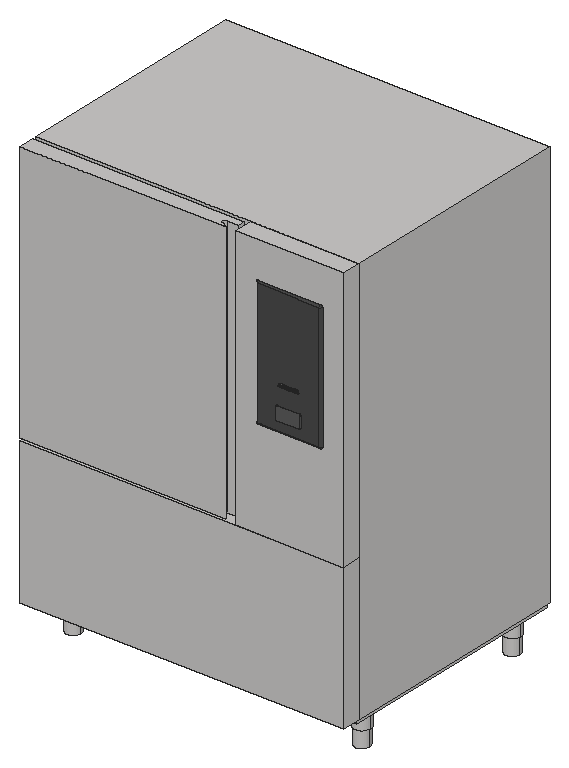
Revit family "QF_ALPENINOX_729255_ABFA12RE", category Specialty Equipment, Revit 2018 (continued)
Automatic sketch dimensions
  Split face 296 sketch curve to Split face 296 sketch curve = 4.974 mm
  Split face 297 sketch curve to Extrusion 4 = 119 mm
  Split face 297 sketch curve to Extrusion 4 = 620.012 mm
  Split face 297 sketch curve to Split face 297 sketch curve = 110.016 mm
  Split face 297 sketch curve to Split face 297 sketch curve = 4.974 mm
  Split face 298 sketch curve to Extrusion 4 = 128.5 mm
  Split face 298 sketch curve to Extrusion 4 = 620.012 mm
  Split face 298 sketch curve to Split face 298 sketch curve = 110.016 mm
  Split face 298 sketch curve to Split face 298 sketch curve = 4.974 mm
  Split face 299 sketch curve to Extrusion 4 = 138 mm
  Split face 299 sketch curve to Extrusion 4 = 620.012 mm
  Split face 299 sketch curve to Split face 299 sketch curve = 110.016 mm
  Split face 299 sketch curve to Split face 299 sketch curve = 4.974 mm
  Split face 300 sketch curve to Extrusion 4 = 147.5 mm
  Split face 300 sketch curve to Extrusion 4 = 620.012 mm
  Split face 300 sketch curve to Split face 300 sketch curve = 110.016 mm
  Split face 300 sketch curve to Split face 300 sketch curve = 4.974 mm
  Split face 301 sketch curve to Extrusion 4 = 157 mm
  Split face 301 sketch curve to Extrusion 4 = 620.012 mm
  Split face 301 sketch curve to Split face 301 sketch curve = 110.016 mm
  Split face 301 sketch curve to Split face 301 sketch curve = 4.974 mm
  Split face 302 sketch curve to Extrusion 4 = 166.5 mm
  Split face 302 sketch curve to Extrusion 4 = 620.012 mm
  Split face 302 sketch curve to Split face 302 sketch curve = 110.016 mm
  Split face 302 sketch curve to Split face 302 sketch curve = 4.974 mm
  Split face 303 sketch curve to Extrusion 4 = 176 mm
  Split face 303 sketch curve to Extrusion 4 = 620.012 mm
  Split face 303 sketch curve to Split face 303 sketch curve = 110.016 mm
  Split face 303 sketch curve to Split face 303 sketch curve = 4.974 mm
  Split face 304 sketch curve to Extrusion 4 = 185.5 mm
  Split face 304 sketch curve to Extrusion 4 = 620.012 mm
  Split face 304 sketch curve to Split face 304 sketch curve = 110.016 mm
  Split face 304 sketch curve to Split face 304 sketch curve = 4.974 mm
  Split face 305 sketch curve to Extrusion 4 = 195 mm
  Split face 305 sketch curve to Extrusion 4 = 620.012 mm
  Split face 305 sketch curve to Split face 305 sketch curve = 110.016 mm
  Split face 305 sketch curve to Split face 305 sketch curve = 4.974 mm
  Split face 306 sketch curve to Extrusion 4 = 204.5 mm
  Split face 306 sketch curve to Extrusion 4 = 620.012 mm
  Split face 306 sketch curve to Split face 306 sketch curve = 110.016 mm
  Split face 306 sketch curve to Split face 306 sketch curve = 4.974 mm
  Split face 307 sketch curve to Extrusion 4 = 214 mm
  Split face 307 sketch curve to Extrusion 4 = 620.012 mm
  Split face 307 sketch curve to Split face 307 sketch curve = 110.016 mm
  Split face 307 sketch curve to Split face 307 sketch curve = 4.974 mm
  Split face 308 sketch curve to Extrusion 4 = 223.5 mm
  Split face 308 sketch curve to Extrusion 4 = 620.012 mm
  Split face 308 sketch curve to Split face 308 sketch curve = 110.016 mm
  Split face 308 sketch curve to Split face 308 sketch curve = 4.974 mm
  Split face 309 sketch curve to Extrusion 4 = 233.001 mm
  Split face 309 sketch curve to Extrusion 4 = 620.012 mm
  Split face 309 sketch curve to Split face 309 sketch curve = 110.016 mm
  Split face 309 sketch curve to Split face 309 sketch curve = 4.974 mm
  Split face 310 sketch curve to Extrusion 4 = 242.501 mm
  Split face 310 sketch curve to Extrusion 4 = 620.012 mm
  Split face 310 sketch curve to Split face 310 sketch curve = 110.016 mm
  Split face 310 sketch curve to Split face 310 sketch curve = 4.974 mm
  Split face 311 sketch curve to Extrusion 4 = 252.001 mm
  Split face 311 sketch curve to Extrusion 4 = 620.012 mm
  Split face 311 sketch curve to Split face 311 sketch curve = 110.016 mm
  Split face 311 sketch curve to Split face 311 sketch curve = 4.974 mm
  Split face 312 sketch curve to Extrusion 4 = 261.501 mm
  Split face 312 sketch curve to Extrusion 4 = 620.012 mm
  Split face 312 sketch curve to Split face 312 sketch curve = 110.016 mm
  Split face 312 sketch curve to Split face 312 sketch curve = 4.974 mm
  Split face 313 sketch curve to Extrusion 4 = 271.001 mm
  Split face 313 sketch curve to Extrusion 4 = 620.012 mm
  Split face 313 sketch curve to Split face 313 sketch curve = 110.016 mm
  Split face 313 sketch curve to Split face 313 sketch curve = 4.974 mm
  Split face 314 sketch curve to Extrusion 4 = 279.479 mm
  Split face 314 sketch curve to Extrusion 4 = 620.012 mm
  Split face 314 sketch curve to Split face 314 sketch curve = 110.016 mm
  Split face 314 sketch curve to Split face 314 sketch curve = 4.974 mm
  Split face 315 sketch curve to Extrusion 4 = 269.979 mm
  Split face 315 sketch curve to Extrusion 4 = 620.012 mm
  Split face 315 sketch curve to Split face 315 sketch curve = 110.016 mm
  Split face 315 sketch curve to Split face 315 sketch curve = 4.974 mm
  Split face 316 sketch curve to Extrusion 4 = 260.479 mm
  Split face 316 sketch curve to Extrusion 4 = 620.012 mm
  Split face 316 sketch curve to Split face 316 sketch curve = 110.016 mm
  Split face 316 sketch curve to Split face 316 sketch curve = 4.974 mm
  Split face 317 sketch curve to Extrusion 4 = 250.978 mm
  Split face 317 sketch curve to Extrusion 4 = 620.012 mm
  Split face 317 sketch curve to Split face 317 sketch curve = 110.016 mm
  Split face 317 sketch curve to Split face 317 sketch curve = 4.974 mm
  Split face 318 sketch curve to Extrusion 4 = 241.478 mm
  Split face 318 sketch curve to Extrusion 4 = 620.012 mm
  Split face 318 sketch curve to Split face 318 sketch curve = 110.016 mm
  Split face 318 sketch curve to Split face 318 sketch curve = 4.974 mm
  Split face 319 sketch curve to Extrusion 4 = 231.978 mm
  Split face 319 sketch curve to Extrusion 4 = 620.012 mm
  Split face 319 sketch curve to Split face 319 sketch curve = 110.016 mm
  Split face 319 sketch curve to Split face 319 sketch curve = 4.974 mm
  Split face 320 sketch curve to Extrusion 4 = 222.478 mm
  Split face 320 sketch curve to Extrusion 4 = 620.012 mm
  Split face 320 sketch curve to Split face 320 sketch curve = 110.016 mm
  Split face 320 sketch curve to Split face 320 sketch curve = 4.974 mm
  Split face 321 sketch curve to Extrusion 4 = 212.978 mm
  Split face 321 sketch curve to Extrusion 4 = 620.012 mm
  Split face 321 sketch curve to Split face 321 sketch curve = 110.016 mm
  Split face 321 sketch curve to Split face 321 sketch curve = 4.974 mm
  Split face 322 sketch curve to Extrusion 4 = 203.478 mm
  Split face 322 sketch curve to Extrusion 4 = 620.012 mm
  Split face 322 sketch curve to Split face 322 sketch curve = 110.016 mm
  Split face 322 sketch curve to Split face 322 sketch curve = 4.974 mm
  Split face 323 sketch curve to Extrusion 4 = 193.978 mm
  Split face 323 sketch curve to Extrusion 4 = 620.012 mm
  Split face 323 sketch curve to Split face 323 sketch curve = 110.016 mm
  Split face 323 sketch curve to Split face 323 sketch curve = 4.974 mm
  Split face 324 sketch curve to Extrusion 4 = 184.478 mm
  Split face 324 sketch curve to Extrusion 4 = 620.012 mm
  Split face 324 sketch curve to Split face 324 sketch curve = 110.016 mm
  Split face 324 sketch curve to Split face 324 sketch curve = 4.974 mm
  Split face 325 sketch curve to Extrusion 4 = 174.978 mm
  Split face 325 sketch curve to Extrusion 4 = 620.012 mm
  Split face 325 sketch curve to Split face 325 sketch curve = 110.016 mm
  Split face 325 sketch curve to Split face 325 sketch curve = 4.974 mm
  Split face 326 sketch curve to Extrusion 4 = 165.478 mm
  Split face 326 sketch curve to Extrusion 4 = 620.012 mm
  Split face 326 sketch curve to Split face 326 sketch curve = 110.016 mm
  Split face 326 sketch curve to Split face 326 sketch curve = 4.974 mm
  Split face 327 sketch curve to Extrusion 4 = 155.978 mm
  Split face 327 sketch curve to Extrusion 4 = 620.012 mm
  Split face 327 sketch curve to Split face 327 sketch curve = 110.016 mm
  Split face 327 sketch curve to Split face 327 sketch curve = 4.974 mm
  Split face 328 sketch curve to Extrusion 4 = 146.478 mm
  Split face 328 sketch curve to Extrusion 4 = 620.012 mm
  Split face 328 sketch curve to Split face 328 sketch curve = 110.016 mm
  Split face 328 sketch curve to Split face 328 sketch curve = 4.974 mm
  Split face 329 sketch curve to Extrusion 4 = 33.499 mm
  Split face 329 sketch curve to Extrusion 4 = 500.021 mm
  Split face 329 sketch curve to Extrusion 4 = 28.525 mm
  Split face 329 sketch curve to Split face 329 sketch curve = 110.016 mm
  Split face 330 sketch curve to Extrusion 4 = 42.999 mm
  Split face 330 sketch curve to Extrusion 4 = 500.021 mm
  Split face 330 sketch curve to Extrusion 4 = 38.025 mm
  Split face 330 sketch curve to Split face 330 sketch curve = 110.016 mm
  Split face 331 sketch curve to Extrusion 4 = 52.499 mm
  Split face 331 sketch curve to Extrusion 4 = 500.021 mm
  Split face 331 sketch curve to Extrusion 4 = 47.525 mm
  Split face 331 sketch curve to Split face 331 sketch curve = 110.016 mm
  Split face 332 sketch curve to Extrusion 4 = 61.999 mm
  Split face 332 sketch curve to Extrusion 4 = 500.021 mm
  Split face 332 sketch curve to Split face 332 sketch curve = 110.016 mm
  Split face 332 sketch curve to Split face 332 sketch curve = 4.974 mm
  Split face 333 sketch curve to Extrusion 4 = 71.499 mm
  Split face 333 sketch curve to Extrusion 4 = 500.021 mm
  Split face 333 sketch curve to Split face 333 sketch curve = 110.016 mm
  Split face 333 sketch curve to Split face 333 sketch curve = 4.974 mm
  Split face 334 sketch curve to Extrusion 4 = 80.999 mm
  Split face 334 sketch curve to Extrusion 4 = 500.021 mm
  Split face 334 sketch curve to Split face 334 sketch curve = 110.016 mm
  Split face 334 sketch curve to Split face 334 sketch curve = 4.974 mm
  Split face 335 sketch curve to Extrusion 4 = 90.499 mm
  Split face 335 sketch curve to Extrusion 4 = 500.021 mm
  Split face 335 sketch curve to Split face 335 sketch curve = 110.016 mm
  Split face 335 sketch curve to Split face 335 sketch curve = 4.974 mm
  Split face 336 sketch curve to Extrusion 4 = 99.999 mm
  Split face 336 sketch curve to Extrusion 4 = 500.021 mm
  Split face 336 sketch curve to Split face 336 sketch curve = 110.016 mm
  Split face 336 sketch curve to Split face 336 sketch curve = 4.974 mm
  Split face 337 sketch curve to Extrusion 4 = 109.499 mm
  Split face 337 sketch curve to Extrusion 4 = 500.021 mm
  Split face 337 sketch curve to Split face 337 sketch curve = 110.016 mm
  Split face 337 sketch curve to Split face 337 sketch curve = 4.974 mm
  Split face 338 sketch curve to Extrusion 4 = 119 mm
  Split face 338 sketch curve to Extrusion 4 = 500.021 mm
  Split face 338 sketch curve to Split face 338 sketch curve = 110.016 mm
  Split face 338 sketch curve to Split face 338 sketch curve = 4.974 mm
  Split face 339 sketch curve to Extrusion 4 = 128.5 mm
  Split face 339 sketch curve to Extrusion 4 = 500.021 mm
  Split face 339 sketch curve to Split face 339 sketch curve = 110.016 mm
  Split face 339 sketch curve to Split face 339 sketch curve = 4.974 mm
  Split face 340 sketch curve to Extrusion 4 = 138 mm
  Split face 340 sketch curve to Extrusion 4 = 500.021 mm
  Split face 340 sketch curve to Split face 340 sketch curve = 110.016 mm
  Split face 340 sketch curve to Split face 340 sketch curve = 4.974 mm
  Split face 341 sketch curve to Extrusion 4 = 147.5 mm
  Split face 341 sketch curve to Extrusion 4 = 500.021 mm
  Split face 341 sketch curve to Split face 341 sketch curve = 110.016 mm
  Split face 341 sketch curve to Split face 341 sketch curve = 4.974 mm
  Split face 342 sketch curve to Extrusion 4 = 157 mm
  Split face 342 sketch curve to Extrusion 4 = 500.021 mm
  Split face 342 sketch curve to Split face 342 sketch curve = 110.016 mm
  Split face 342 sketch curve to Split face 342 sketch curve = 4.974 mm
  Split face 343 sketch curve to Extrusion 4 = 166.5 mm
  Split face 343 sketch curve to Extrusion 4 = 500.021 mm
  Split face 343 sketch curve to Split face 343 sketch curve = 110.016 mm
  Split face 343 sketch curve to Split face 343 sketch curve = 4.974 mm
  Split face 344 sketch curve to Extrusion 4 = 176 mm
  Split face 344 sketch curve to Extrusion 4 = 500.021 mm
  Split face 344 sketch curve to Split face 344 sketch curve = 110.016 mm
  Split face 344 sketch curve to Split face 344 sketch curve = 4.974 mm
  Split face 345 sketch curve to Extrusion 4 = 185.5 mm
  Split face 345 sketch curve to Extrusion 4 = 500.021 mm
  Split face 345 sketch curve to Split face 345 sketch curve = 110.016 mm
  Split face 345 sketch curve to Split face 345 sketch curve = 4.974 mm
  Split face 346 sketch curve to Extrusion 4 = 195 mm
  Split face 346 sketch curve to Extrusion 4 = 500.021 mm
  Split face 346 sketch curve to Split face 346 sketch curve = 110.016 mm
  Split face 346 sketch curve to Split face 346 sketch curve = 4.974 mm
  Split face 347 sketch curve to Extrusion 4 = 204.5 mm
  Split face 347 sketch curve to Extrusion 4 = 500.021 mm
  Split face 347 sketch curve to Split face 347 sketch curve = 110.016 mm
  Split face 347 sketch curve to Split face 347 sketch curve = 4.974 mm
  Split face 348 sketch curve to Extrusion 4 = 214 mm
  Split face 348 sketch curve to Extrusion 4 = 500.021 mm
  Split face 348 sketch curve to Split face 348 sketch curve = 110.016 mm
  Split face 348 sketch curve to Split face 348 sketch curve = 4.974 mm
  Split face 349 sketch curve to Extrusion 4 = 223.5 mm
  Split face 349 sketch curve to Extrusion 4 = 500.021 mm
  Split face 349 sketch curve to Split face 349 sketch curve = 110.016 mm
  Split face 349 sketch curve to Split face 349 sketch curve = 4.974 mm
  Split face 350 sketch curve to Extrusion 4 = 233.001 mm
  Split face 350 sketch curve to Extrusion 4 = 500.021 mm
  Split face 350 sketch curve to Split face 350 sketch curve = 110.016 mm
  Split face 350 sketch curve to Split face 350 sketch curve = 4.974 mm
  Split face 351 sketch curve to Extrusion 4 = 242.501 mm
  Split face 351 sketch curve to Extrusion 4 = 500.021 mm
  Split face 351 sketch curve to Split face 351 sketch curve = 110.016 mm
  Split face 351 sketch curve to Split face 351 sketch curve = 4.974 mm
  Split face 352 sketch curve to Extrusion 4 = 500.021 mm
  Split face 352 sketch curve to Split face 352 sketch curve = 110.016 mm
  Split face 352 sketch curve to Extrusion 4 = 252.001 mm
  Split face 352 sketch curve to Split face 352 sketch curve = 4.974 mm
  Split face 353 sketch curve to Extrusion 4 = 500.021 mm
  Split face 353 sketch curve to Split face 353 sketch curve = 110.016 mm
  Split face 353 sketch curve to Extrusion 4 = 261.501 mm
  Split face 353 sketch curve to Split face 353 sketch curve = 4.974 mm
  Split face 354 sketch curve to Extrusion 4 = 500.021 mm
  Split face 354 sketch curve to Split face 354 sketch curve = 110.016 mm
  Split face 354 sketch curve to Extrusion 4 = 271.001 mm
  Split face 354 sketch curve to Split face 354 sketch curve = 4.974 mm
  Split face 355 sketch curve to Extrusion 4 = 500.021 mm
  Split face 355 sketch curve to Split face 355 sketch curve = 110.016 mm
  Split face 355 sketch curve to Extrusion 4 = 279.479 mm
  Split face 355 sketch curve to Split face 355 sketch curve = 4.974 mm
  Split face 356 sketch curve to Extrusion 4 = 500.021 mm
  Split face 356 sketch curve to Split face 356 sketch curve = 110.016 mm
  Split face 356 sketch curve to Extrusion 4 = 269.979 mm
  Split face 356 sketch curve to Split face 356 sketch curve = 4.974 mm
  Split face 357 sketch curve to Extrusion 4 = 500.021 mm
  Split face 357 sketch curve to Split face 357 sketch curve = 110.016 mm
  Split face 357 sketch curve to Extrusion 4 = 260.479 mm
  Split face 357 sketch curve to Split face 357 sketch curve = 4.974 mm
  Split face 358 sketch curve to Extrusion 4 = 500.021 mm
  Split face 358 sketch curve to Split face 358 sketch curve = 110.016 mm
  Split face 358 sketch curve to Extrusion 4 = 250.978 mm
  Split face 358 sketch curve to Split face 358 sketch curve = 4.974 mm
  Split face 359 sketch curve to Extrusion 4 = 241.478 mm
  Split face 359 sketch curve to Extrusion 4 = 500.021 mm
  Split face 359 sketch curve to Split face 359 sketch curve = 110.016 mm
  Split face 359 sketch curve to Split face 359 sketch curve = 4.974 mm
  Split face 360 sketch curve to Extrusion 4 = 231.978 mm
  Split face 360 sketch curve to Extrusion 4 = 500.021 mm
  Split face 360 sketch curve to Split face 360 sketch curve = 110.016 mm
  Split face 360 sketch curve to Split face 360 sketch curve = 4.974 mm
  Split face 361 sketch curve to Extrusion 4 = 222.478 mm
  Split face 361 sketch curve to Extrusion 4 = 500.021 mm
  Split face 361 sketch curve to Split face 361 sketch curve = 110.016 mm
  Split face 361 sketch curve to Split face 361 sketch curve = 4.974 mm
  Split face 362 sketch curve to Extrusion 4 = 212.978 mm
  Split face 362 sketch curve to Extrusion 4 = 500.021 mm
  Split face 362 sketch curve to Split face 362 sketch curve = 110.016 mm
  Split face 362 sketch curve to Split face 362 sketch curve = 4.974 mm
  Split face 363 sketch curve to Extrusion 4 = 203.478 mm
  Split face 363 sketch curve to Extrusion 4 = 500.021 mm
  Split face 363 sketch curve to Split face 363 sketch curve = 110.016 mm
  Split face 363 sketch curve to Split face 363 sketch curve = 4.974 mm
  Split face 364 sketch curve to Extrusion 4 = 193.978 mm
  Split face 364 sketch curve to Extrusion 4 = 500.021 mm
  Split face 364 sketch curve to Split face 364 sketch curve = 110.016 mm
  Split face 364 sketch curve to Split face 364 sketch curve = 4.974 mm
  Split face 365 sketch curve to Extrusion 4 = 184.478 mm
  Split face 365 sketch curve to Extrusion 4 = 500.021 mm
  Split face 365 sketch curve to Split face 365 sketch curve = 110.016 mm
  Split face 365 sketch curve to Split face 365 sketch curve = 4.974 mm
  Split face 366 sketch curve to Extrusion 4 = 174.978 mm
  Split face 366 sketch curve to Extrusion 4 = 500.021 mm
  Split face 366 sketch curve to Split face 366 sketch curve = 110.016 mm
  Split face 366 sketch curve to Split face 366 sketch curve = 4.974 mm
  Split face 367 sketch curve to Extrusion 4 = 165.478 mm
  Split face 367 sketch curve to Extrusion 4 = 500.021 mm
  Split face 367 sketch curve to Split face 367 sketch curve = 110.016 mm
  Split face 367 sketch curve to Split face 367 sketch curve = 4.974 mm
  Split face 368 sketch curve to Extrusion 4 = 155.978 mm
  Split face 368 sketch curve to Extrusion 4 = 500.021 mm
  Split face 368 sketch curve to Split face 368 sketch curve = 110.016 mm
  Split face 368 sketch curve to Split face 368 sketch curve = 4.974 mm
  Split face 369 sketch curve to Extrusion 4 = 146.478 mm
  Split face 369 sketch curve to Extrusion 4 = 500.021 mm
  Split face 369 sketch curve to Split face 369 sketch curve = 110.016 mm
  Split face 369 sketch curve to Split face 369 sketch curve = 4.974 mm
  Split face 370 sketch curve to Extrusion 4 = 33.499 mm
  Split face 370 sketch curve to Extrusion 4 = 509.996 mm
  Split face 370 sketch curve to Extrusion 4 = 28.525 mm
  Split face 370 sketch curve to Split face 370 sketch curve = 110.016 mm
  Split face 371 sketch curve to Extrusion 4 = 42.999 mm
  Split face 371 sketch curve to Extrusion 4 = 509.996 mm
  Split face 371 sketch curve to Extrusion 4 = 38.025 mm
  Split face 371 sketch curve to Split face 371 sketch curve = 110.016 mm
  Split face 372 sketch curve to Extrusion 4 = 52.499 mm
  Split face 372 sketch curve to Extrusion 4 = 509.996 mm
  Split face 372 sketch curve to Extrusion 4 = 47.525 mm
  Split face 372 sketch curve to Split face 372 sketch curve = 110.016 mm
  Split face 373 sketch curve to Extrusion 4 = 61.999 mm
  Split face 373 sketch curve to Extrusion 4 = 509.996 mm
  Split face 373 sketch curve to Split face 373 sketch curve = 110.016 mm
  Split face 373 sketch curve to Split face 373 sketch curve = 4.974 mm
  Split face 374 sketch curve to Extrusion 4 = 71.499 mm
  Split face 374 sketch curve to Extrusion 4 = 509.996 mm
  Split face 374 sketch curve to Split face 374 sketch curve = 110.016 mm
  Split face 374 sketch curve to Split face 374 sketch curve = 4.974 mm
  Split face 375 sketch curve to Extrusion 4 = 80.999 mm
  Split face 375 sketch curve to Extrusion 4 = 509.996 mm
  Split face 375 sketch curve to Split face 375 sketch curve = 110.016 mm
  Split face 375 sketch curve to Split face 375 sketch curve = 4.974 mm
  Split face 376 sketch curve to Extrusion 4 = 90.499 mm
  Split face 376 sketch curve to Extrusion 4 = 509.996 mm
  Split face 376 sketch curve to Split face 376 sketch curve = 110.016 mm
  Split face 376 sketch curve to Split face 376 sketch curve = 4.974 mm
  Split face 377 sketch curve to Extrusion 4 = 99.999 mm
  Split face 377 sketch curve to Extrusion 4 = 509.996 mm
  Split face 377 sketch curve to Split face 377 sketch curve = 110.016 mm
  Split face 377 sketch curve to Split face 377 sketch curve = 4.974 mm
  Split face 378 sketch curve to Extrusion 4 = 109.499 mm
  Split face 378 sketch curve to Extrusion 4 = 509.996 mm
  Split face 378 sketch curve to Split face 378 sketch curve = 110.016 mm
  Split face 378 sketch curve to Split face 378 sketch curve = 4.974 mm
  Split face 379 sketch curve to Extrusion 4 = 119 mm
  Split face 379 sketch curve to Extrusion 4 = 509.996 mm
  Split face 379 sketch curve to Split face 379 sketch curve = 110.016 mm
  Split face 379 sketch curve to Split face 379 sketch curve = 4.974 mm
  Split face 380 sketch curve to Extrusion 4 = 128.5 mm
  Split face 380 sketch curve to Extrusion 4 = 509.996 mm
  Split face 380 sketch curve to Split face 380 sketch curve = 110.016 mm
  Split face 380 sketch curve to Split face 380 sketch curve = 4.974 mm
  Split face 381 sketch curve to Extrusion 4 = 138 mm
  Split face 381 sketch curve to Extrusion 4 = 509.996 mm
  Split face 381 sketch curve to Split face 381 sketch curve = 110.016 mm
  Split face 381 sketch curve to Split face 381 sketch curve = 4.974 mm
  Split face 382 sketch curve to Extrusion 4 = 147.5 mm
  Split face 382 sketch curve to Extrusion 4 = 509.996 mm
  Split face 382 sketch curve to Split face 382 sketch curve = 110.016 mm
  Split face 382 sketch curve to Split face 382 sketch curve = 4.974 mm
  Split face 383 sketch curve to Extrusion 4 = 157 mm
  Split face 383 sketch curve to Extrusion 4 = 509.996 mm
  Split face 383 sketch curve to Split face 383 sketch curve = 110.016 mm
  Split face 383 sketch curve to Split face 383 sketch curve = 4.974 mm
  Split face 384 sketch curve to Extrusion 4 = 166.5 mm
  Split face 384 sketch curve to Extrusion 4 = 509.996 mm
  Split face 384 sketch curve to Split face 384 sketch curve = 110.016 mm
  Split face 384 sketch curve to Split face 384 sketch curve = 4.974 mm
  Split face 385 sketch curve to Extrusion 4 = 176 mm
  Split face 385 sketch curve to Extrusion 4 = 509.996 mm
  Split face 385 sketch curve to Split face 385 sketch curve = 110.016 mm
  Split face 385 sketch curve to Split face 385 sketch curve = 4.974 mm
  Split face 386 sketch curve to Extrusion 4 = 185.5 mm
  Split face 386 sketch curve to Extrusion 4 = 509.996 mm
  Split face 386 sketch curve to Split face 386 sketch curve = 110.016 mm
  Split face 386 sketch curve to Split face 386 sketch curve = 4.974 mm
  Split face 387 sketch curve to Extrusion 4 = 195 mm
  Split face 387 sketch curve to Extrusion 4 = 509.996 mm
  Split face 387 sketch curve to Split face 387 sketch curve = 110.016 mm
  Split face 387 sketch curve to Split face 387 sketch curve = 4.974 mm
  Split face 388 sketch curve to Extrusion 4 = 204.5 mm
  Split face 388 sketch curve to Extrusion 4 = 509.996 mm
  Split face 388 sketch curve to Split face 388 sketch curve = 110.016 mm
  Split face 388 sketch curve to Split face 388 sketch curve = 4.974 mm
  Split face 389 sketch curve to Extrusion 4 = 214 mm
  Split face 389 sketch curve to Extrusion 4 = 509.996 mm
  Split face 389 sketch curve to Split face 389 sketch curve = 110.016 mm
  Split face 389 sketch curve to Split face 389 sketch curve = 4.974 mm
  Split face 390 sketch curve to Extrusion 4 = 223.5 mm
  Split face 390 sketch curve to Extrusion 4 = 509.996 mm
  Split face 390 sketch curve to Split face 390 sketch curve = 110.016 mm
  Split face 390 sketch curve to Split face 390 sketch curve = 4.974 mm
  Split face 391 sketch curve to Extrusion 4 = 233.001 mm
  Split face 391 sketch curve to Extrusion 4 = 509.996 mm
  Split face 391 sketch curve to Split face 391 sketch curve = 110.016 mm
  Split face 391 sketch curve to Split face 391 sketch curve = 4.974 mm
  Split face 392 sketch curve to Extrusion 4 = 242.501 mm
  Split face 392 sketch curve to Extrusion 4 = 509.996 mm
  Split face 392 sketch curve to Split face 392 sketch curve = 110.016 mm
  Split face 392 sketch curve to Split face 392 sketch curve = 4.974 mm
  Split face 393 sketch curve to Extrusion 4 = 252.001 mm
  Split face 393 sketch curve to Extrusion 4 = 509.996 mm
  Split face 393 sketch curve to Split face 393 sketch curve = 110.016 mm
  Split face 393 sketch curve to Split face 393 sketch curve = 4.974 mm
  Split face 394 sketch curve to Extrusion 4 = 509.996 mm
  Split face 394 sketch curve to Split face 394 sketch curve = 110.016 mm
  Split face 394 sketch curve to Extrusion 4 = 261.501 mm
  Split face 394 sketch curve to Split face 394 sketch curve = 4.974 mm
  Split face 395 sketch curve to Extrusion 4 = 509.996 mm
  Split face 395 sketch curve to Split face 395 sketch curve = 110.016 mm
  Split face 395 sketch curve to Extrusion 4 = 271.001 mm
  Split face 395 sketch curve to Split face 395 sketch curve = 4.974 mm
  Split face 396 sketch curve to Extrusion 4 = 509.996 mm
  Split face 396 sketch curve to Split face 396 sketch curve = 110.016 mm
  Split face 396 sketch curve to Extrusion 4 = 279.479 mm
  Split face 396 sketch curve to Split face 396 sketch curve = 4.974 mm
  Split face 397 sketch curve to Extrusion 4 = 509.996 mm
  Split face 397 sketch curve to Split face 397 sketch curve = 110.016 mm
  Split face 397 sketch curve to Extrusion 4 = 269.979 mm
  Split face 397 sketch curve to Split face 397 sketch curve = 4.974 mm
  Split face 398 sketch curve to Extrusion 4 = 509.996 mm
  Split face 398 sketch curve to Split face 398 sketch curve = 110.016 mm
  Split face 398 sketch curve to Extrusion 4 = 260.479 mm
  Split face 398 sketch curve to Split face 398 sketch curve = 4.974 mm
  Split face 399 sketch curve to Extrusion 4 = 250.978 mm
  Split face 399 sketch curve to Extrusion 4 = 509.996 mm
  Split face 399 sketch curve to Split face 399 sketch curve = 110.016 mm
  Split face 399 sketch curve to Split face 399 sketch curve = 4.974 mm
  Split face 400 sketch curve to Extrusion 4 = 241.478 mm
  Split face 400 sketch curve to Extrusion 4 = 509.996 mm
  Split face 400 sketch curve to Split face 400 sketch curve = 110.016 mm
  Split face 400 sketch curve to Split face 400 sketch curve = 4.974 mm
  Split face 401 sketch curve to Extrusion 4 = 231.978 mm
  Split face 401 sketch curve to Extrusion 4 = 509.996 mm
  Split face 401 sketch curve to Split face 401 sketch curve = 110.016 mm
  Split face 401 sketch curve to Split face 401 sketch curve = 4.974 mm
  Split face 402 sketch curve to Extrusion 4 = 222.478 mm
  Split face 402 sketch curve to Extrusion 4 = 509.996 mm
  Split face 402 sketch curve to Split face 402 sketch curve = 110.016 mm
  Split face 402 sketch curve to Split face 402 sketch curve = 4.974 mm
  Split face 403 sketch curve to Extrusion 4 = 212.978 mm
  Split face 403 sketch curve to Extrusion 4 = 509.996 mm
  Split face 403 sketch curve to Split face 403 sketch curve = 110.016 mm
  Split face 403 sketch curve to Split face 403 sketch curve = 4.974 mm
  Split face 404 sketch curve to Extrusion 4 = 203.478 mm
  Split face 404 sketch curve to Extrusion 4 = 509.996 mm
  Split face 404 sketch curve to Split face 404 sketch curve = 110.016 mm
  Split face 404 sketch curve to Split face 404 sketch curve = 4.974 mm
  Split face 405 sketch curve to Extrusion 4 = 193.978 mm
  Split face 405 sketch curve to Extrusion 4 = 509.996 mm
  Split face 405 sketch curve to Split face 405 sketch curve = 110.016 mm
  Split face 405 sketch curve to Split face 405 sketch curve = 4.974 mm
  Split face 406 sketch curve to Extrusion 4 = 184.478 mm
  Split face 406 sketch curve to Extrusion 4 = 509.996 mm
  Split face 406 sketch curve to Split face 406 sketch curve = 110.016 mm
  Split face 406 sketch curve to Split face 406 sketch curve = 4.974 mm
  Split face 407 sketch curve to Extrusion 4 = 174.978 mm
  Split face 407 sketch curve to Extrusion 4 = 509.996 mm
  Split face 407 sketch curve to Split face 407 sketch curve = 110.016 mm
  Split face 407 sketch curve to Split face 407 sketch curve = 4.974 mm
  Split face 408 sketch curve to Extrusion 4 = 165.478 mm
  Split face 408 sketch curve to Extrusion 4 = 509.996 mm
  Split face 408 sketch curve to Split face 408 sketch curve = 110.016 mm
  Split face 408 sketch curve to Split face 408 sketch curve = 4.974 mm
  Split face 409 sketch curve to Extrusion 4 = 155.978 mm
  Split face 409 sketch curve to Extrusion 4 = 509.996 mm
  Split face 409 sketch curve to Split face 409 sketch curve = 110.016 mm
  Split face 409 sketch curve to Split face 409 sketch curve = 4.974 mm
  Split face 410 sketch curve to Extrusion 4 = 146.478 mm
  Split face 410 sketch curve to Extrusion 4 = 509.996 mm
  Split face 410 sketch curve to Split face 410 sketch curve = 110.016 mm
  Split face 410 sketch curve to Split face 410 sketch curve = 4.974 mm
  plane 5 "FRONT" to Extrusion 1 sketch curve = 76 mm
  plane 5 "FRONT" to Extrusion 5 sketch curve = 78 mm
  curve 15 to plane 12 "LEFT" = 0 mm
  curve 14 to plane 5 "FRONT" = 0 mm
  curve 1 to plane 4 "BACK" = 0 mm
  curve 1 to plane 11 "RIGHT" = 0 mm
  curve 13 to plane 5 "FRONT" = 0 mm
  curve 6 to plane 9 = 0 mm
  curve 2 to plane 12 "LEFT" = 0 mm
  plane 14 to curve 9 = 15.5 mm
  curve 13 to plane 5 "FRONT" = 5 mm
  plane 14 to curve 13 = 22.5 mm
  curve 8 to curve 10 = 21 mm
  curve 8 to curve 6 = 63.778 mm
  curve 11 to curve 11 = 238 mm
  curve 6 to curve 6 = 164.232 mm
  curve 10 to curve 10 = 29 mm
  curve 13 to curve 11 = 8 mm
  curve 10 to curve 7 = 55.686 mm
  curve 11 to curve 12 = 8 mm
  curve 5 to curve 5 = 8.092 mm
  plane 5 "FRONT" to curve 15 = 76 mm
  plane 3 "Center Y" to curve 15 = 208 mm
  curve 12 to curve 3 = 81.5 mm
  plane 5 "FRONT" to curve 2 = 76 mm
  curve 20 to plane 12 "LEFT" = 0 mm
  curve 26 to plane 5 "FRONT" = 0 mm
  plane 12 "LEFT" to curve 28 = 16.833 mm
  plane 5 "FRONT" to curve 24 = 23.833 mm
  curve 24 to curve 14 = 60.147 mm
  plane 10 to curve 28 = 47.847 mm
  curve 29 to plane 12 "LEFT" = 7 mm
  curve 28 to curve 28 = 7.197 mm
  curve 28 to curve 27 = 8.395 mm
  plane 5 "FRONT" to curve 26 = 16.635 mm
  curve 26 to curve 24 = 4.321 mm
  curve 24 to curve 24 = 0.039 mm
  curve 24 to curve 26 = 27.707 mm
  curve 23 to curve 14 = 14.8 mm
  curve 28 to curve 29 = 4.321 mm
  plane 10 to curve 29 = 24.462 mm
  plane 10 to curve 27 = 2.5 mm
  curve 20 to curve 14 = 16 mm
  curve 16 to plane 5 "FRONT" = 0 mm
  curve 19 to plane 5 "FRONT" = 0 mm
  curve 17 to plane 5 "FRONT" = 0 mm
  plane 12 "LEFT" to curve 16 = 23.403 mm
  plane 5 "FRONT" to curve 16 = 17.949 mm
  plane 10 to curve 18 = 2.5 mm
  plane 12 "LEFT" to curve 18 = 25.227 mm
  curve 19 to plane 13 = 14 mm
  curve 17 to plane 12 "LEFT" = 7 mm
  plane 10 to curve 17 = 24.462 mm
  Extrusion 12 sketch curve to plane 7 "TOP" = 0 mm
  Extrusion 12 sketch curve to plane 12 "LEFT" = 0 mm
  plane 3 "Center Y" to Extrusion 12 sketch curve = 193.2 mm
  plane 6 to Extrusion 12 sketch curve = 589.524 mm
  Extrusion 13 sketch curve to plane 5 "FRONT" = 0 mm
  plane 12 "LEFT" to Extrusion 13 sketch curve = 23.403 mm
  Extrusion 13 sketch curve to plane 13 = 14 mm
  plane 3 "Center Y" to Extrusion 13 sketch curve = 193.2 mm
  plane 10 to Extrusion 13 sketch curve = 2.5 mm
  Extrusion 14 sketch curve to plane 5 "FRONT" = 0 mm
  Extrusion 14 sketch curve to plane 7 "TOP" = 0 mm
  plane 10 to Extrusion 14 sketch curve = 2.5 mm
  plane 6 to Extrusion 14 sketch curve = 589.524 mm
  Extrusion 15 sketch curve to plane 5 "FRONT" = 0 mm
  plane 5 "FRONT" to Extrusion 15 sketch curve = 16.635 mm
  plane 3 "Center Y" to Extrusion 15 sketch curve = 143.532 mm
  Extrusion 15 sketch curve to Extrusion 15 sketch curve = 4.321 mm
  Extrusion 15 sketch curve to Extrusion 15 sketch curve = 0.039 mm
  Extrusion 15 sketch curve to Extrusion 15 sketch curve = 27.707 mm
  Extrusion 15 sketch curve to Extrusion 15 sketch curve = 21.962 mm
  Extrusion 15 sketch curve to Extrusion 15 sketch curve = 7.197 mm
  plane 10 to Extrusion 16 sketch curve = 2.5 mm
  Extrusion 16 sketch curve to plane 12 "LEFT" = 7 mm
  Extrusion 16 sketch curve to Extrusion 16 sketch curve = 21.962 mm
  Extrusion 16 sketch curve to Extrusion 16 sketch curve = 23.346 mm
  Extrusion 16 sketch curve to Extrusion 16 sketch curve = 0.039 mm
  plane 12 "LEFT" to Extrusion 16 sketch curve = 9.635 mm
  Extrusion 16 sketch curve to Extrusion 16 sketch curve = 4.321 mm
  Extrusion 16 sketch curve to Extrusion 16 sketch curve = 7.197 mm
  radius of Extrusion 3 sketch curve = 10.5 mm
  radius of Extrusion 6 sketch curve = 9.5 mm
  radius of Extrusion 11 sketch curve = 8 mm
  radius of Extrusion 10 sketch curve = 4.75 mm
Nested families
  nested 1: "Foot_Complete" at (-869.5, -118.149, 0), type "Foot_Complete"
    with H 130 mm
  nested 2: "Foot_Complete" at (246.5, -118.149, 0), type "Foot_Complete"
    with H 130 mm
  nested 3: "Foot_Complete" at (246.5, 608.851, 0), type "Foot_Complete"
    with H 130 mm
  nested 4: "Foot_Complete" at (-869.5, 608.851, 0), type "Foot_Complete"
    with H 130 mm
  nested 5: "ALP_Touch" at (105, -292.149, 1341.605) x (-1, 0, 0) z (0, -1, 0), type "ALP_Touch"
  nested 6: "ALP_Logo_XS" at (104.995, -297.149, 1260.605) x (1, 0, 0) z (0, -1, 0), visible <- "Show Logo", type "ALP_Logo_XS"
Connectors
  electrical at (220.5, 732.851, 593), driven by "Volts"
    settings: on Extrusion 3, index 5, voltage 220 V, apparent load 0 VA, apparent load phase1 0 VA, apparent load phase2 0 VA, apparent load phase3 0 VA, power factor 1, load classification "Altro", number of poles 1, system type 30, power factor state 1, is connector primary yes, connector utility no, sub classification motor no, connector description "Electrical Connection"
  piping at (-366.5, 215.851, 98.32), diameter 19
    settings: on cut or joined group of Extrusion 1, Extrusion 2, Extrusion 3, Extrusion 5, Extrusion 6, Extrusion 7, Extrusion 9, index 6, connector inside diameter 609.6 mm, connector length 0 mm, flow factor 0, pipe flow 0.0 L/s, pressure drop 0.0 Pa, fitting loss kfactor 0, connector angle 0.00°, fixture units 0, engagement length 0 mm, angle of deflection 0.00°, flow configuration 1, flow direction 2, fitting loss method 0, system type 16, joint type 0, gender type 0, connector reference index -1, connector utility 0, adjustable connector no, is connector primary yes, connector description "Drain"
  piping at (37.7, 683.851, 222), diameter 18
    settings: on Extrusion 11, index 10, connector inside diameter 609.6 mm, connector length 0 mm, flow factor 0, pipe flow 0.0 L/s, pressure drop 0.0 Pa, fitting loss kfactor 0, connector angle 0.00°, fixture units 0, engagement length 0 mm, angle of deflection 0.00°, flow configuration 1, flow direction 1, fitting loss method 0, system type 8, joint type 0, gender type 0, connector reference index -1, connector utility 0, adjustable connector no, is connector primary no, connector description "Refrigerant Outlet"
  piping at (95.3, 623.851, 217), diameter 9.5
    settings: on Extrusion 10, index 11, connector inside diameter 609.6 mm, connector length 0 mm, flow factor 0, pipe flow 0.0 L/s, pressure drop 0.0 Pa, fitting loss kfactor 0, connector angle 0.00°, fixture units 0, engagement length 0 mm, angle of deflection 0.00°, flow configuration 1, flow direction 1, fitting loss method 0, system type 7, joint type 0, gender type 0, connector reference index -1, connector utility 0, adjustable connector no, is connector primary no, connector description "Refrigerant Inlet"
Definition of nested family "Foot_Complete"
  Parameters
    R = 32 mm
    H = 150 mm
  Reference planes
    plane 1 "Centro (Fronte/Retro)": y = 0
    plane 2: z = 0
    plane 3 "Centro (Sinistra/Destra)": x = 0
    plane 4: z = 150
  Forms (mm)
    Revolve 1, solid
      sketch origin (255.05, 0, 608.09) x (0, 0, 1) y (-1, 0, 0)
        loop
          line (-608.09, 255.05) -> (-608.09, 226.55) -> (-544.09, 226.55) -> (-544.09, 223.05) -> (-458.09, 223.05) -> (-458.09, 255.05) -> (-608.09, 255.05)
        axis (-608.09, 255.05) -> (-458.09, 255.05)
      angle from 0 to 360
  Dimensions and locks
    locked: level to Revolve 1 sketch curve at 64
    "R": Revolve 1 sketch curve to plane 3 "Centro (Sinistra/Destra)"
    "H": plane 4 to level
    aligned and locked: level to plane 2
    aligned and locked: plane 4 to Revolve 1 sketch curve
    aligned and locked: Revolve 1 sketch curve to level
    aligned and locked: plane 3 "Centro (Sinistra/Destra)" to Revolve 1 sketch curve
  Automatic sketch dimensions
    Revolve 1 sketch curve to plane 3 "Centro (Sinistra/Destra)" = 0 mm
    plane 3 "Centro (Sinistra/Destra)" to Revolve 1 sketch curve = 28.5 mm
    Revolve 1 sketch curve to Revolve 1 sketch curve = 50 mm
    Revolve 1 sketch curve to Revolve 1 sketch curve = 20 mm
Definition of nested family "ALP_Touch"
  Parameters
    Default Elevation = 1219.2 mm
  Reference planes
    plane 1 "Centro (Fronte/Retro)": y = 0
    plane 2: z = 0
    plane 3 "Centro (Sinistra/Destra)": x = 0
    plane 4: y = -81
  Forms (mm)
    Extrusion 1, solid
      sketch origin (0, 0, 0) x (1, 0, 0) y (0, 1, 0)
        loop
          line (-1219.2, 1219.2) -> (-1219.2, -1219.2) -> (1219.2, -1219.2) -> (1219.2, 1219.2) -> (-1219.2, 1219.2)
      from 0 to -304.8
    Extrusion 2, solid
      sketch origin (0, 0, 5) x (1, 0, 0) y (0, 1, 0)
        loop
          line (-47, -160) -> (-47, -202)
          arc (-47, -202) -> (-45.536, -205.535) -> (-42, -207) r 5
          line (-42, -207) -> (42, -207)
          arc (42, -207) -> (45.536, -205.535) -> (47, -202) r 5
          line (47, -202) -> (47, -160)
          arc (47, -160) -> (45.536, -156.465) -> (42, -155) r 5
          line (42, -155) -> (-42, -155)
          arc (-42, -155) -> (-45.536, -156.465) -> (-47, -160) r 5
      from 0 to 2
    Blend 3, solid
      base sketch origin (0, 0, 0) x (1, 0, 0) y (0, 1, 0)
        loop
          line (-127, 244) -> (-127, -244)
          arc (-127, -244) -> (-125.536, -247.536) -> (-122, -249) r 5
          line (-122, -249) -> (122, -249)
          arc (122, -249) -> (125.536, -247.536) -> (127, -244) r 5
          line (127, -244) -> (127, 244)
          arc (127, 244) -> (125.536, 247.536) -> (122, 249) r 5
          line (122, 249) -> (-122, 249)
          arc (-122, 249) -> (-125.536, 247.536) -> (-127, 244) r 5
      top sketch origin (0, 0, 0) x (1, 0, 0) y (0, 1, 0)
        loop
          line (-119, -241) -> (119, -241) -> (119, 241) -> (-119, 241) -> (-119, -241)
      from 0 to 5
  Lines and regions (mm)
    Split face 1
      outline origin (0, 0, 5) x (1, 0, 0) y (0, 1, 0)
        loop
          line (-70.506, 46.167) -> (70.506, 46.167) -> (70.506, 214.829) -> (-70.506, 214.829) -> (-70.506, 46.167)
    Split face 2
      outline origin (0, 0, 5) x (1, 0, 0) y (0, 1, 0)
        loop
          line (-47.467, 50.825) -> (47.467, 50.825) -> (47.467, 210.171) -> (-47.467, 210.171) -> (-47.467, 50.825)
    Split face 3
      outline origin (0, 0, 5) x (1, 0, 0) y (0, 1, 0)
        loop
          line (-116, 241) -> (-116, -241)
        loop
          line (116, -241) -> (116, 241)
    Split face 4
      outline origin (0, 0, 5) x (1, 0, 0) y (0, 1, 0)
        loop
          line (52.506, -63) -> (-52.506, -63)
          arc (-52.506, -63) -> (-70.506, -81) -> (-52.506, -99) r 18
          line (-52.506, -99) -> (52.506, -99)
          arc (52.506, -99) -> (70.506, -81) -> (52.506, -63) r 18
    Split face 5
      outline origin (0, 0, 5) x (1, 0, 0) y (0, 1, 0)
        loop
          arc (-52.506, -66) -> (-67.506, -81) -> (-52.506, -96) r 15
          line (-52.506, -96) -> (52.506, -96)
          arc (52.506, -96) -> (67.506, -81) -> (52.506, -66) r 15
          line (52.506, -66) -> (-52.506, -66)
  Dimensions and locks
    aligned and locked: plane 2 to Extrusion 1
    aligned and locked: level to Extrusion 1
Definition of nested family "ALP_Logo_XS"
  Parameters
    Default Elevation = 0 mm
  Reference planes
    plane 1 "Centro (Fronte/Retro)": y = 0
    plane 2: z = 0
    plane 3 "Centro (Sinistra/Destra)": x = 0
  Forms (mm)
    Extrusion 1, solid
      sketch origin (0, 0, 0) x (1, 0, 0) y (0, 1, 0)
        loop
          line (-1219.2, 1219.2) -> (-1219.2, -1219.2) -> (1219.2, -1219.2) -> (1219.2, 1219.2) -> (-1219.2, 1219.2)
      from 0 to -304.8
    Extrusion 2, solid
      sketch origin (17.793, -46.218, 0) x (-1, 0, 0) y (0, -1, 0)
        loop
          arc (56.029, -42.55) -> (55.919, -41.581) -> (55.073, -41.095) r 1.08
          line (55.073, -41.095) -> (54.045, -41.845) -> (53.618, -43.159) -> (49.653, -43.159) -> (49.224, -41.83) -> (48.183, -41.095)
          arc (48.183, -41.095) -> (47.402, -41.616) -> (47.313, -42.55) r 1.094
          line (47.313, -42.55) -> (50.109, -50.245)
          spline (50.109, -50.245) -> (50.175, -50.41) -> (50.254, -50.567) -> (50.343, -50.714) -> (50.444, -50.85) -> (50.556, -50.974) -> (50.679, -51.085) -> (50.813, -51.182) -> (50.957, -51.264) -> (51.112, -51.329) -> (51.277, -51.377) -> (51.452, -51.407) -> (51.636, -51.417)
          spline (51.636, -51.417) -> (51.814, -51.407) -> (51.984, -51.375) -> (52.146, -51.325) -> (52.3, -51.258) -> (52.445, -51.174) -> (52.58, -51.075) -> (52.705, -50.962) -> (52.819, -50.837) -> (52.923, -50.702) -> (53.015, -50.557) -> (53.095, -50.405) -> (53.163, -50.245)
          line (53.163, -50.245) -> (56.029, -42.55)
        loop
          line (53.005, -45.11) -> (50.294, -45.11) -> (51.633, -49.253) -> (53.005, -45.11)
        loop
          spline (46.282, -42.339) -> (46.273, -42.168) -> (46.248, -42.008) -> (46.207, -41.86) -> (46.149, -41.725) -> (46.077, -41.602) -> (45.989, -41.494) -> (45.886, -41.401) -> (45.77, -41.323) -> (45.64, -41.261) -> (45.496, -41.216) -> (45.339, -41.189) -> (45.17, -41.179)
          line (45.17, -41.179) -> (41.605, -41.179)
          spline (41.605, -41.179) -> (41.453, -41.189) -> (41.312, -41.216) -> (41.183, -41.26) -> (41.065, -41.318) -> (40.959, -41.389) -> (40.866, -41.471) -> (40.784, -41.563) -> (40.716, -41.664) -> (40.661, -41.77) -> (40.619, -41.882) -> (40.591, -41.997) -> (40.577, -42.113)
          spline (40.577, -42.113) -> (40.581, -42.234) -> (40.598, -42.356) -> (40.63, -42.475) -> (40.676, -42.591) -> (40.737, -42.7) -> (40.813, -42.802) -> (40.904, -42.894) -> (41.012, -42.973) -> (41.135, -43.039) -> (41.275, -43.088) -> (41.431, -43.119) -> (41.605, -43.13)
          line (41.605, -43.13) -> (44.143, -43.13) -> (44.143, -50.23)
          spline (44.143, -50.23) -> (44.152, -50.4) -> (44.18, -50.557) -> (44.224, -50.701) -> (44.284, -50.83) -> (44.359, -50.946) -> (44.448, -51.047) -> (44.55, -51.133) -> (44.663, -51.204) -> (44.787, -51.26) -> (44.921, -51.301) -> (45.064, -51.325) -> (45.214, -51.333)
          spline (45.214, -51.333) -> (45.363, -51.325) -> (45.506, -51.301) -> (45.639, -51.26) -> (45.763, -51.204) -> (45.876, -51.133) -> (45.977, -51.047) -> (46.066, -50.946) -> (46.141, -50.83) -> (46.201, -50.701) -> (46.245, -50.557) -> (46.272, -50.4) -> (46.282, -50.23)
          line (46.282, -50.23) -> (46.282, -42.339)
        loop
          spline (39.662, -42.198) -> (39.653, -42.028) -> (39.625, -41.871) -> (39.581, -41.727) -> (39.521, -41.598) -> (39.446, -41.482) -> (39.357, -41.381) -> (39.255, -41.295) -> (39.142, -41.224) -> (39.018, -41.168) -> (38.884, -41.128) -> (38.742, -41.103) -> (38.593, -41.095)
          spline (38.593, -41.095) -> (38.443, -41.103) -> (38.3, -41.128) -> (38.167, -41.168) -> (38.043, -41.224) -> (37.93, -41.295) -> (37.829, -41.381) -> (37.74, -41.482) -> (37.665, -41.598) -> (37.605, -41.727) -> (37.561, -41.871) -> (37.534, -42.028) -> (37.524, -42.198)
          line (37.524, -42.198) -> (37.524, -44.517) -> (35.94, -44.517)
          spline (35.94, -44.517) -> (35.46, -44.544) -> (34.998, -44.622) -> (34.559, -44.75) -> (34.147, -44.927) -> (33.768, -45.15) -> (33.424, -45.418) -> (33.122, -45.73) -> (32.864, -46.082) -> (32.656, -46.474) -> (32.502, -46.904) -> (32.407, -47.369) -> (32.374, -47.87)
          spline (32.374, -47.87) -> (32.406, -48.361) -> (32.499, -48.822) -> (32.65, -49.25) -> (32.855, -49.644) -> (33.11, -50) -> (33.413, -50.317) -> (33.76, -50.592) -> (34.147, -50.822) -> (34.57, -51.005) -> (35.027, -51.139) -> (35.513, -51.221) -> (36.026, -51.249)
          line (36.026, -51.249) -> (38.548, -51.249)
          spline (38.548, -51.249) -> (38.72, -51.24) -> (38.879, -51.213) -> (39.023, -51.17) -> (39.154, -51.11) -> (39.271, -51.036) -> (39.373, -50.946) -> (39.46, -50.843) -> (39.532, -50.727) -> (39.588, -50.598) -> (39.629, -50.458) -> (39.654, -50.306) -> (39.662, -50.145)
          line (39.662, -50.145) -> (39.662, -42.198)
        loop
          line (37.524, -49.381) -> (37.524, -46.382) -> (36.065, -46.382)
          spline (36.065, -46.382) -> (35.848, -46.396) -> (35.645, -46.435) -> (35.458, -46.498) -> (35.287, -46.583) -> (35.132, -46.689) -> (34.996, -46.814) -> (34.878, -46.958) -> (34.78, -47.117) -> (34.702, -47.29) -> (34.645, -47.477) -> (34.61, -47.675) -> (34.599, -47.882)
          spline (34.599, -47.882) -> (34.61, -48.09) -> (34.645, -48.288) -> (34.702, -48.474) -> (34.78, -48.648) -> (34.878, -48.807) -> (34.996, -48.95) -> (35.132, -49.075) -> (35.287, -49.181) -> (35.458, -49.266) -> (35.645, -49.329) -> (35.848, -49.368) -> (36.065, -49.381)
          line (36.065, -49.381) -> (37.524, -49.381)
        loop
          spline (23.911, -45.178) -> (23.6, -45.189) -> (23.319, -45.221) -> (23.07, -45.274) -> (22.85, -45.346) -> (22.659, -45.437) -> (22.496, -45.545) -> (22.36, -45.67) -> (22.251, -45.81) -> (22.167, -45.965) -> (22.109, -46.133) -> (22.074, -46.314) -> (22.063, -46.506)
          spline (22.063, -46.506) -> (22.102, -47.066) -> (22.218, -47.632) -> (22.407, -48.193) -> (22.666, -48.74) -> (22.993, -49.263) -> (23.383, -49.749) -> (23.833, -50.189) -> (24.34, -50.573) -> (24.901, -50.89) -> (25.513, -51.129) -> (26.173, -51.281) -> (26.876, -51.333)
          spline (26.876, -51.333) -> (27.564, -51.284) -> (28.212, -51.14) -> (28.817, -50.909) -> (29.374, -50.599) -> (29.881, -50.217) -> (30.332, -49.772) -> (30.725, -49.271) -> (31.055, -48.721) -> (31.318, -48.131) -> (31.511, -47.508) -> (31.63, -46.859) -> (31.67, -46.193)
          spline (31.67, -46.193) -> (31.629, -45.477) -> (31.508, -44.798) -> (31.31, -44.16) -> (31.039, -43.568) -> (30.698, -43.027) -> (30.291, -42.543) -> (29.821, -42.119) -> (29.292, -41.762) -> (28.707, -41.475) -> (28.07, -41.265) -> (27.385, -41.135) -> (26.653, -41.09)
          spline (26.653, -41.09) -> (26.149, -41.112) -> (25.639, -41.177) -> (25.132, -41.281) -> (24.637, -41.419) -> (24.165, -41.589) -> (23.724, -41.786) -> (23.325, -42.006) -> (22.977, -42.247) -> (22.689, -42.505) -> (22.472, -42.775) -> (22.335, -43.053) -> (22.287, -43.337)
          spline (22.287, -43.337) -> (22.293, -43.479) -> (22.313, -43.618) -> (22.346, -43.753) -> (22.392, -43.881) -> (22.451, -44) -> (22.521, -44.11) -> (22.604, -44.208) -> (22.698, -44.292) -> (22.804, -44.36) -> (22.921, -44.412) -> (23.05, -44.444) -> (23.188, -44.456)
          spline (23.188, -44.456) -> (23.413, -44.429) -> (23.628, -44.352) -> (23.84, -44.236) -> (24.057, -44.091) -> (24.285, -43.927) -> (24.531, -43.753) -> (24.801, -43.58) -> (25.102, -43.417) -> (25.441, -43.275) -> (25.824, -43.165) -> (26.258, -43.095) -> (26.75, -43.076)
          spline (26.75, -43.076) -> (27.057, -43.097) -> (27.356, -43.149) -> (27.643, -43.23) -> (27.916, -43.341) -> (28.172, -43.479) -> (28.409, -43.645) -> (28.624, -43.837) -> (28.815, -44.056) -> (28.978, -44.3) -> (29.111, -44.569) -> (29.211, -44.862) -> (29.276, -45.178)
          line (29.276, -45.178) -> (23.911, -45.178)
        loop
          line (29.332, -47.164) -> (24.402, -47.164)
          spline (24.402, -47.164) -> (24.458, -47.453) -> (24.55, -47.736) -> (24.676, -48.011) -> (24.833, -48.274) -> (25.018, -48.52) -> (25.228, -48.746) -> (25.461, -48.947) -> (25.715, -49.121) -> (25.985, -49.263) -> (26.271, -49.369) -> (26.569, -49.435) -> (26.876, -49.458)
          spline (26.876, -49.458) -> (27.172, -49.434) -> (27.462, -49.366) -> (27.743, -49.257) -> (28.013, -49.112) -> (28.266, -48.936) -> (28.501, -48.731) -> (28.714, -48.504) -> (28.902, -48.257) -> (29.061, -47.995) -> (29.188, -47.723) -> (29.279, -47.444) -> (29.332, -47.164)
        loop
          spline (20.938, -42.198) -> (20.929, -42.028) -> (20.901, -41.871) -> (20.857, -41.727) -> (20.796, -41.597) -> (20.721, -41.482) -> (20.632, -41.381) -> (20.53, -41.295) -> (20.416, -41.224) -> (20.292, -41.168) -> (20.158, -41.127) -> (20.016, -41.103) -> (19.866, -41.095)
          spline (19.866, -41.095) -> (19.716, -41.103) -> (19.574, -41.127) -> (19.441, -41.168) -> (19.317, -41.224) -> (19.204, -41.295) -> (19.102, -41.381) -> (19.013, -41.482) -> (18.938, -41.597) -> (18.878, -41.727) -> (18.834, -41.871) -> (18.806, -42.028) -> (18.797, -42.198)
          line (18.797, -42.198) -> (18.797, -47.511) -> (14.246, -41.561) -> (13.347, -41.095)
          spline (13.347, -41.095) -> (13.197, -41.103) -> (13.055, -41.127) -> (12.921, -41.168) -> (12.797, -41.224) -> (12.684, -41.295) -> (12.582, -41.381) -> (12.494, -41.482) -> (12.418, -41.597) -> (12.358, -41.727) -> (12.314, -41.871) -> (12.287, -42.028) -> (12.277, -42.198)
          line (12.277, -42.198) -> (12.277, -50.23)
          spline (12.277, -50.23) -> (12.287, -50.4) -> (12.314, -50.557) -> (12.358, -50.701) -> (12.418, -50.83) -> (12.494, -50.946) -> (12.582, -51.047) -> (12.684, -51.133) -> (12.797, -51.204) -> (12.921, -51.26) -> (13.055, -51.301) -> (13.197, -51.325) -> (13.347, -51.333)
          spline (13.347, -51.333) -> (13.497, -51.325) -> (13.639, -51.301) -> (13.773, -51.26) -> (13.897, -51.204) -> (14.011, -51.133) -> (14.113, -51.047) -> (14.202, -50.946) -> (14.277, -50.83) -> (14.337, -50.701) -> (14.381, -50.557) -> (14.408, -50.4) -> (14.418, -50.23)
          line (14.418, -50.23) -> (14.418, -44.847) -> (18.968, -50.865) -> (19.866, -51.333)
          spline (19.866, -51.333) -> (20.016, -51.325) -> (20.158, -51.301) -> (20.292, -51.26) -> (20.416, -51.204) -> (20.53, -51.133) -> (20.632, -51.047) -> (20.721, -50.946) -> (20.796, -50.83) -> (20.857, -50.701) -> (20.901, -50.557) -> (20.929, -50.4) -> (20.938, -50.23)
          line (20.938, -50.23) -> (20.938, -42.198)
        loop
          spline (10.94, -42.198) -> (10.93, -42.028) -> (10.903, -41.871) -> (10.859, -41.727) -> (10.799, -41.597) -> (10.724, -41.482) -> (10.635, -41.381) -> (10.533, -41.295) -> (10.42, -41.224) -> (10.296, -41.168) -> (10.162, -41.127) -> (10.019, -41.103) -> (9.869, -41.095)
          spline (9.869, -41.095) -> (9.719, -41.103) -> (9.577, -41.127) -> (9.443, -41.168) -> (9.319, -41.224) -> (9.206, -41.295) -> (9.105, -41.381) -> (9.016, -41.482) -> (8.941, -41.597) -> (8.881, -41.727) -> (8.837, -41.871) -> (8.81, -42.028) -> (8.8, -42.198)
          line (8.8, -42.198) -> (8.8, -50.23)
          spline (8.8, -50.23) -> (8.81, -50.4) -> (8.837, -50.557) -> (8.881, -50.701) -> (8.941, -50.83) -> (9.016, -50.946) -> (9.105, -51.047) -> (9.206, -51.133) -> (9.319, -51.204) -> (9.443, -51.26) -> (9.577, -51.301) -> (9.719, -51.325) -> (9.869, -51.333)
          spline (9.869, -51.333) -> (10.019, -51.325) -> (10.162, -51.301) -> (10.296, -51.26) -> (10.42, -51.204) -> (10.533, -51.133) -> (10.635, -51.047) -> (10.724, -50.946) -> (10.799, -50.83) -> (10.859, -50.701) -> (10.903, -50.557) -> (10.93, -50.4) -> (10.94, -50.23)
          line (10.94, -50.23) -> (10.94, -42.198)
        loop
          spline (7.462, -42.198) -> (7.452, -42.028) -> (7.425, -41.871) -> (7.381, -41.727) -> (7.321, -41.597) -> (7.246, -41.482) -> (7.157, -41.381) -> (7.055, -41.295) -> (6.942, -41.224) -> (6.818, -41.168) -> (6.685, -41.127) -> (6.542, -41.103) -> (6.393, -41.095)
          spline (6.393, -41.095) -> (6.243, -41.103) -> (6.1, -41.127) -> (5.966, -41.168) -> (5.842, -41.224) -> (5.729, -41.295) -> (5.627, -41.381) -> (5.538, -41.482) -> (5.463, -41.597) -> (5.402, -41.727) -> (5.358, -41.871) -> (5.331, -42.028) -> (5.321, -42.198)
          line (5.321, -42.198) -> (5.321, -47.511) -> (0.771, -41.561) -> (-0.128, -41.095)
          spline (-0.128, -41.095) -> (-0.278, -41.103) -> (-0.42, -41.127) -> (-0.554, -41.168) -> (-0.678, -41.224) -> (-0.791, -41.295) -> (-0.893, -41.381) -> (-0.982, -41.482) -> (-1.057, -41.597) -> (-1.117, -41.727) -> (-1.162, -41.871) -> (-1.189, -42.028) -> (-1.199, -42.198)
          line (-1.199, -42.198) -> (-1.199, -50.23)
          spline (-1.199, -50.23) -> (-1.189, -50.4) -> (-1.162, -50.557) -> (-1.117, -50.701) -> (-1.057, -50.83) -> (-0.982, -50.946) -> (-0.893, -51.047) -> (-0.791, -51.133) -> (-0.678, -51.204) -> (-0.554, -51.26) -> (-0.42, -51.301) -> (-0.278, -51.325) -> (-0.128, -51.333)
          spline (-0.128, -51.333) -> (0.022, -51.325) -> (0.164, -51.301) -> (0.298, -51.26) -> (0.422, -51.204) -> (0.536, -51.133) -> (0.637, -51.047) -> (0.726, -50.946) -> (0.801, -50.83) -> (0.861, -50.701) -> (0.905, -50.557) -> (0.932, -50.4) -> (0.942, -50.23)
          line (0.942, -50.23) -> (0.942, -44.847) -> (5.493, -50.865) -> (6.393, -51.333)
          spline (6.393, -51.333) -> (6.542, -51.325) -> (6.685, -51.301) -> (6.818, -51.26) -> (6.942, -51.204) -> (7.055, -51.133) -> (7.157, -51.047) -> (7.246, -50.946) -> (7.321, -50.83) -> (7.381, -50.701) -> (7.425, -50.557) -> (7.452, -50.4) -> (7.462, -50.23)
          line (7.462, -50.23) -> (7.462, -42.198)
        loop
          spline (-7.232, -41.01) -> (-7.943, -41.056) -> (-8.611, -41.192) -> (-9.232, -41.411) -> (-9.803, -41.709) -> (-10.321, -42.078) -> (-10.782, -42.514) -> (-11.181, -43.011) -> (-11.516, -43.564) -> (-11.783, -44.166) -> (-11.978, -44.812) -> (-12.097, -45.497) -> (-12.138, -46.214)
          spline (-12.138, -46.214) -> (-12.096, -46.919) -> (-11.974, -47.596) -> (-11.774, -48.238) -> (-11.503, -48.839) -> (-11.163, -49.393) -> (-10.76, -49.893) -> (-10.297, -50.333) -> (-9.778, -50.707) -> (-9.208, -51.008) -> (-8.591, -51.231) -> (-7.931, -51.37) -> (-7.232, -51.417)
          spline (-7.232, -51.417) -> (-6.524, -51.371) -> (-5.858, -51.236) -> (-5.238, -51.018) -> (-4.666, -50.722) -> (-4.148, -50.353) -> (-3.687, -49.918) -> (-3.286, -49.422) -> (-2.95, -48.87) -> (-2.682, -48.267) -> (-2.486, -47.62) -> (-2.366, -46.934) -> (-2.325, -46.214)
          spline (-2.325, -46.214) -> (-2.366, -45.497) -> (-2.487, -44.812) -> (-2.684, -44.166) -> (-2.953, -43.564) -> (-3.29, -43.011) -> (-3.692, -42.514) -> (-4.154, -42.078) -> (-4.672, -41.709) -> (-5.243, -41.411) -> (-5.862, -41.192) -> (-6.527, -41.056) -> (-7.232, -41.01)
        loop
          spline (-7.232, -42.962) -> (-7.665, -42.993) -> (-8.059, -43.083) -> (-8.414, -43.227) -> (-8.731, -43.422) -> (-9.01, -43.661) -> (-9.251, -43.941) -> (-9.454, -44.257) -> (-9.62, -44.605) -> (-9.748, -44.979) -> (-9.839, -45.374) -> (-9.894, -45.788) -> (-9.912, -46.214)
          spline (-9.912, -46.214) -> (-9.894, -46.637) -> (-9.837, -47.049) -> (-9.744, -47.444) -> (-9.614, -47.818) -> (-9.446, -48.165) -> (-9.241, -48.482) -> (-8.998, -48.763) -> (-8.719, -49.003) -> (-8.403, -49.198) -> (-8.049, -49.344) -> (-7.659, -49.434) -> (-7.232, -49.466)
          spline (-7.232, -49.466) -> (-6.804, -49.434) -> (-6.414, -49.344) -> (-6.06, -49.198) -> (-5.743, -49.003) -> (-5.464, -48.763) -> (-5.222, -48.482) -> (-5.017, -48.165) -> (-4.849, -47.818) -> (-4.718, -47.444) -> (-4.625, -47.049) -> (-4.568, -46.637) -> (-4.55, -46.214)
          spline (-4.55, -46.214) -> (-4.568, -45.788) -> (-4.623, -45.374) -> (-4.714, -44.979) -> (-4.842, -44.605) -> (-5.008, -44.257) -> (-5.211, -43.941) -> (-5.452, -43.661) -> (-5.731, -43.422) -> (-6.048, -43.227) -> (-6.404, -43.083) -> (-6.798, -42.993) -> (-7.232, -42.962)
        loop
          arc (-12.168, -42.806) -> (-12.411, -41.323) -> (-13.895, -41.561) r 1.064
          line (-13.895, -41.561) -> (-16.234, -44.786) -> (-18.574, -41.561)
          arc (-18.574, -41.561) -> (-20.072, -41.304) -> (-20.3, -42.806) r 1.064
          line (-20.3, -42.806) -> (-17.477, -46.566) -> (-19.787, -49.678)
          arc (-19.787, -49.678) -> (-19.432, -51.089) -> (-18.004, -50.81) r 1.057
          line (-18.004, -50.81) -> (-16.234, -48.321) -> (-14.389, -50.918)
          arc (-14.389, -50.918) -> (-12.91, -51.16) -> (-12.683, -49.678) r 1.055
          line (-12.683, -49.678) -> (-14.994, -46.566) -> (-12.168, -42.806)
      from 0 to 1.644
  Dimensions and locks
    aligned and locked: plane 2 to Extrusion 1
    aligned and locked: level to Extrusion 1
Types (2, lengths in mm): name | URL | Manufacturer | Phase | Model | Description
  (no name) | 0 | 0 | 0 | 0 | 0
  QF_ALPENINOX_729255_ABFA12RE.rfa | "http://www.alpeninox.com" | "Alpeninox" | 1 | "ABFA12RE" | "CRIO CHILL BLAST CHILLER FREEZER 100/70KG 10 GN 2/1 - REMOTE REFRIGERATED UNIT"
